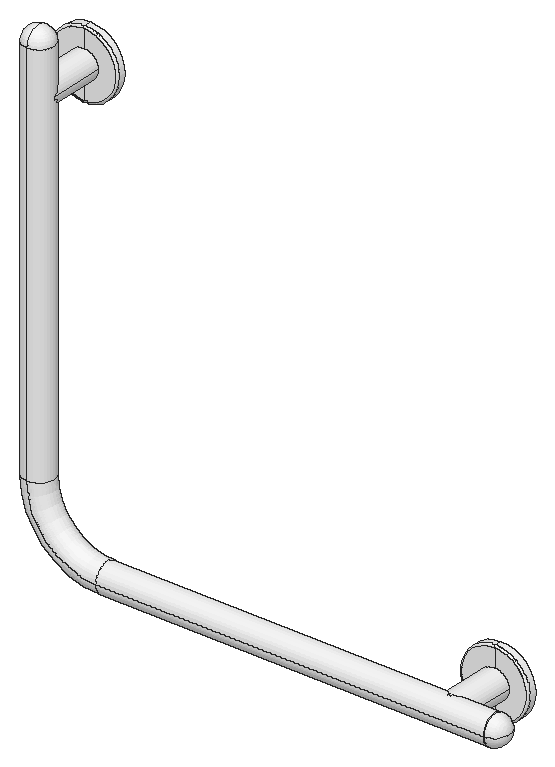
Revit family "RBA4601-01 Series", category Plumbing Fixtures, Revit 2021
Family settings
  Round Connector Dimension = Use Diameter
  Part Type = Normal
  Work Plane-Based = No
  Always vertical = Yes
  Cut with Voids When Loaded = No
  Shared = No
  Room Calculation Point = No
Parameters (values of type "RBA4601-011")
  Watermarked By = "www.rba.com.au"
  Waste Connection = yes
  Vent Connection = yes
  URL = "http://www.rba.com.au/accessible-disabled/grab-rails"
  Phone Number = "1300 788 778"
  OFFSET = 1000.0 mm
  Modified Issue = "20170620"
  Model = "RBA4601-011"
  Materials and Finishes = Stainless Steel / White Antibacterial Finish
  Manufacturer Model = ""
  Manufacturer = "RBA Group"
  HW Connection = yes
  Distance Away from Wall (default) = 100.0 mm
  Distance Away from Toilet (default) = 1090.0 mm
  Description = "90° Ambulant Grab Rail"
  Default Elevation = 0.0 mm
  Copyright by = "RBA Group"  # constant formula
  CW Connection = yes
Types (3, lengths in mm): name | Modified Issue | Model | Materials and Finishes | Description
  RBA4601-018 | "" | "RBA4601-018" | Stainless Steel / Matte Black Antibacterial Finish | 0.0
  RBA4601-019 | "" | "RBA4601-019" | Stainless Steel / Bright Finish | 0.0
  RBA4601-011 | "20170620" | "RBA4601-011" | Stainless Steel / White Antibacterial Finish | "90° Ambulant Grab Rail"
Reference planes
  plane 1 "Center (Front/Back)": y = 0
  plane 2: z = 0
  plane 3 "Center (Left/Right)": x = 0
  plane 4: x = -450
  plane 5: x = 66
  plane 6: y = -9.5
  plane 7: z = 450
  plane 8: z = 516
  plane 9: x = 50
  plane 10: z = 500
  plane 11: y = -55
Forms (mm)
  Extrusion 1, solid, material "Stainless Steel / White Antibacterial Finish" <- "Materials and Finishes"
    sketch origin (-267, 0, 0) x (-1, 0, 0) y (0, 0, -1)
      loop
        circle (-267, 0) r 16
    from 9.5 to 71
  Extrusion 2, solid, material "Stainless Steel / White Antibacterial Finish" <- "Materials and Finishes"
    sketch origin (-267, 0, 450) x (1, 0, 0) y (0, 0, 1)
      loop
        circle (-183, 0) r 16
    from 9.5 to 71
  Sweep 3, solid, material "Stainless Steel / White Antibacterial Finish" <- "Materials and Finishes"
    path origin (0, 0, 0) x (1, 0, 0) y (0, 0, 1)
      loop
        line (50, 0) -> (-375, 0)
        arc (-375, 0) -> (-428.033, 21.967) -> (-450, 75) r 75
        line (-450, 75) -> (-450, 500)
    profile origin (-162.5, 0, 0) x (0, 0, -1) y (0, -1, 0)
      loop
        circle (0, 71) r 16
  Revolve 4, solid, material "Stainless Steel / White Antibacterial Finish" <- "Materials and Finishes"
    sketch origin (-450, 0, 275) x (0, 0, -1) y (0, 1, 0)
      loop
        line (-241, -71) -> (-225, -71) -> (-225, -55)
        arc (-225, -55) -> (-236.314, -59.686) -> (-241, -71) r 16
      axis (-241, -71) -> (-225, -71)
    angle from 0 to 360
  Revolve 5, solid, material "Stainless Steel / White Antibacterial Finish" <- "Materials and Finishes"
    sketch origin (0, 0, -450) x (0, 1, 0) y (0, 0, 1)
      loop
        line (0, 487.5) -> (-7.5, 487.5)
        arc (-7.5, 487.5) -> (-8.914, 486.914) -> (-9.5, 485.5) r 2
        line (-9.5, 485.5) -> (-9.5, 450) -> (0, 450) -> (0, 487.5)
      axis (0, 450) -> (-9.5, 450)
    angle from 0 to 360
  Revolve 6, solid, material "Stainless Steel / White Antibacterial Finish" <- "Materials and Finishes"
    sketch origin (-450, 0, 0) x (0, 1, 0) y (0, 0, 1)
      loop
        line (0, 487.5) -> (-7.5, 487.5)
        arc (-7.5, 487.5) -> (-8.914, 486.914) -> (-9.5, 485.5) r 2
        line (-9.5, 485.5) -> (-9.5, 450) -> (0, 450) -> (0, 487.5)
      axis (0, 450) -> (-9.5, 450)
    angle from 0 to 360
  Revolve 7, solid, material "Stainless Steel / White Antibacterial Finish" <- "Materials and Finishes"
    sketch origin (-307, 0, 0) x (-1, 0, 0) y (0, -1, 0)
      loop
        arc (-373, 71) -> (-368.314, 59.686) -> (-357, 55) r 16
        line (-357, 55) -> (-357, 71) -> (-373, 71)
      axis (-373, 71) -> (-357, 71)
    angle from 0 to 360
Dimensions and locks
  plane 1 "Center (Front/Back)" to plane 6 = 9.5 mm
  plane 4 to plane 5 = 516.0 mm
  plane 7 to level = 450.0 mm
  plane 8 to level = 516.0 mm
  plane 3 "Center (Left/Right)" to plane 9 = 50.0 mm
  locked: plane 4 to plane 3 "Center (Left/Right)" at 450
  plane 4 to plane 9 = 500.0 mm
  plane 11 to plane 1 "Center (Front/Back)" = 55.0 mm
  plane 10 to level = 500.0 mm
  plane 3 "Center (Left/Right)" to plane 4 = 450.0 mm
  plane 9 to plane 4 = 500.0 mm
  plane 5 to plane 4 = 516.0 mm
  radius of Revolve 4 sketch curve = 16.0 mm
  radius of Revolve 7 sketch curve = 16.0 mm
  aligned and locked: plane 2 to level
  aligned and locked: plane 7 to Extrusion 2  (x3)
  aligned and locked: plane 10 to Sweep 3
  aligned and locked: plane 8 to Revolve 4 sketch curve
  aligned and locked: plane 10 to Revolve 4
  aligned and locked: plane 6 to Extrusion 2
  aligned and locked: plane 1 "Center (Front/Back)" to Revolve 6
  aligned and locked: Extrusion 2 to plane 6  (x3)
  aligned and locked: plane 1 "Center (Front/Back)" to Revolve 5
  aligned and locked: plane 6 to Extrusion 1
  aligned and locked: plane 4 to Revolve 6  (x3)
  aligned and locked: plane 3 "Center (Left/Right)" to Revolve 5  (x4)
  aligned and locked: Revolve 6 sketch curve to plane 6
  aligned and locked: Revolve 5 sketch curve to plane 6
  aligned and locked: Extrusion 1 to plane 6  (x3)
  aligned and locked: plane 9 to Revolve 7 sketch curve
  aligned and locked: plane 9 to Revolve 7
  aligned and locked: level to Extrusion 1
